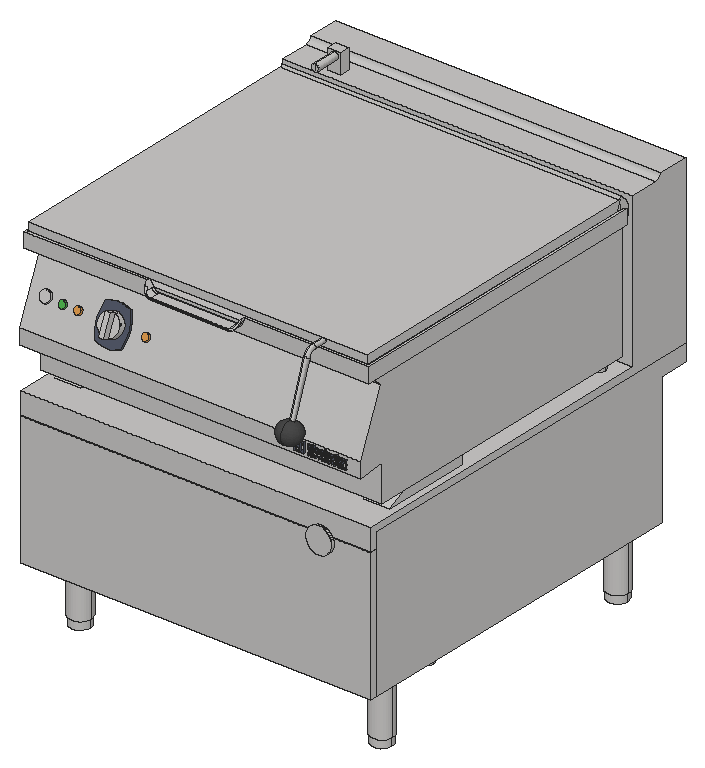
Revit family "QF_ELECTROLUXPROFESSIONAL_391417_E9PPBDBAMED", category Specialty Equipment, Revit 2018
Family settings
  Round Connector Dimension = Use Diameter
  Part Type = Normal
  Work Plane-Based = No
  Always vertical = Yes
  Cut with Voids When Loaded = No
  Shared = No
  Room Calculation Point = No
Parameters (values of type "Standard")
  Weight = 150.00 kg
  Watts = 0 W
  Volts = 380 V
  URL Manufacturer = "https://www.electroluxprofessional.com/"
  URL = "https://www.electroluxprofessional.com/"
  Steam Supply Size = 0"
  Steam Supply Minimum Pressure = 0.00 psi
  Steam Supply Maximum Pressure = 0.00 psi
  Steam Pounds per Hour = 0
  Show Logo [instance] = yes
  Show Clearance [instance] = yes
  Refrigeration Suction Line Size = 0 mm
  Refrigeration Liquid Line Size = 0 mm
  Refrigerant Compressor Remote = yes
  Phase = 3
  Model = "E9PPBDBAMED"
  Manufacturer = "Electrolux Professional"
  Length Actual = 800 mm  # constant formula
  Item Number = "391417"
  Hot Water Size = 0"
  Height Actual = 850 mm  # constant formula
  HP = "17.4 HP"
  Gas Size = 0"
  Gas KW = 0
  Gas Input Pressure = 0.0 Btu/h
  Direct Waste Size = 0"
  Description = "80LT EL.BRATT PAN DUOMAT BOTTOM AUT (AUS)"
  Depth Actual = 930 mm  # constant formula
  Cycle = 50 Hz
  Condensate Return Size = 0"
  Compressed Air Volume = 0 GPM
  Compressed Air Size = 0"
  Compressed Air Pressure = 0.00 psi
  Cold Water Size = 3/4"
  Assembly Code = ""
  Accessory = yes
Reference planes
  plane 1 "BACK": y = 0
  plane 2: z = 0
  plane 3 "LEFT": x = 0
  plane 4 "RIGHT": x = 800
  plane 5 "FRONT": y = -915
  plane 6 "TOP": z = 898
  plane 7 "Center Y": x = 400
  plane 8 "Center X": y = -457.5
  plane 9 "Base": z = 149
  plane 10: z = 502.193
  plane 11: z = 1653
  plane 12: y = -125
  plane 13: y = -799
  plane 14: x = 55
  plane 15: y = -160.853
  plane 16: x = 745
  plane 17: y = -1014
  plane 18: y = -899.182
  plane 19: x = 786
  plane 20: z = 850
  plane 21: x = 389
  plane 22: y = -702.182
  plane 23: y = -760.182
  plane 24: x = 340
Forms (mm)
  Revolve 1, solid, material "QF_Finishes_Stainless Steel"
    sketch origin (0, -125, 0) x (1, 0, 0) y (0, 0, 1)
      loop
        line (55, 0) -> (55, 149) -> (29.6, 149) -> (29.6, 19.05) -> (32.1, 19.05) -> (32.1, 0) -> (55, 0)
      axis (55, 0) -> (55, 149)
    angle from 0 to 360
  Revolve 2, solid, material "QF_Finishes_Stainless Steel"
    sketch origin (0, -799, 0) x (1, 0, 0) y (0, 0, 1)
      loop
        line (55, 0) -> (55, 149) -> (29.6, 149) -> (29.6, 19.05) -> (32.1, 19.05) -> (32.1, 0) -> (55, 0)
      axis (55, 0) -> (55, 149)
    angle from 0 to 360
  Extrusion 3, solid, material "QF_Finishes_Stainless Steel"
    sketch origin (0, -214.682, 0) x (0, 1, 0) y (0, 0, 1)
      loop
        line (214.682, 487.193) -> (214.682, 866.248) -> (143.055, 866.248)
        arc (143.055, 866.248) -> (139.432, 857.502) -> (130.686, 853.88) r 12.368
        line (130.686, 853.88) -> (64.682, 853.88) -> (64.682, 502.193) -> (-684.5, 502.193) -> (-684.5, 452.193) -> (-669.5, 452.193) -> (-669.5, 487.193) -> (214.682, 487.193)
      loop
        line (-669.5, 149) -> (-669.5, 451.193) -> (-684.5, 451.193) -> (-684.5, 149) -> (-669.5, 149)
    from 0 to 800
  Extrusion 4, solid, material "QF_Finishes_Stainless Steel"
    sketch origin (0, -214.682, 0) x (0, 1, 0) y (0, 0, 1)
      loop
        line (44.029, 528.406) -> (44.029, 817.127) -> (-678.5, 817.127) -> (-678.5, 809.681) -> (-643.264, 774.446) -> (-700.318, 641.094) -> (-700.318, 606.094) -> (-640.765, 613.406) -> (-640.765, 528.406) -> (44.029, 528.406)
    from 10 to 790
  Sweep 5, solid, material "QF_Finishes_Stainless Steel"
    path origin (0, -204.882, 145) x (-1, 0, 0) y (0, -1, 0)
      loop
        line (-290, 694.3) -> (-5, 694.3) -> (-5, -44.029) -> (-795, -44.029) -> (-795, 694.3) -> (-510, 694.3)
    profile origin (652.5, -899.182, 145) x (0, -1, 0) y (0, 0, 1)
      loop
        line (-5, 651.359) -> (0, 651.359) -> (0, 685.301) -> (-6, 685.301) -> (-6, 681.062) -> (-5, 681.062) -> (-5, 651.359)
  Extrusion 6, solid, material "QF_Finishes_Stainless Steel"
    sketch origin (0, -214.682, -5) x (0, 1, 0) y (0, 0, 1)
      loop
        line (33.715, 835.301) -> (42.572, 855) -> (-677.138, 855) -> (-677.138, 835.301) -> (33.715, 835.301)
      loop
        arc (64.305, 837.022) -> (57.071, 850.749) -> (45.92, 861.539) r 49.182
        line (45.92, 861.539) -> (39.069, 846.301) -> (45.904, 846.301) -> (45.904, 832.604) -> (64.305, 814.204) -> (64.305, 837.022)
    from 12.363 to 787.637
  Extrusion 7, solid, material "QF_Finishes_Stainless Steel"
    sketch origin (0, -214.682, 0) x (0, 1, 0) y (0, 0, 1)
      loop
        line (-403.818, 528.406) -> (-556.057, 528.406) -> (-609.801, 502.193) -> (-403.818, 502.193) -> (-403.818, 528.406)
    from 16.63 to 76.513
  Extrusion 8, solid, material "QF_Finishes_Stainless Steel"
    sketch origin (0, -207.182, 150) x (-1, 0, 0) y (0, -1, 0)
      loop
        circle (-46.571, -17.496) r 15
      loop
        circle (-753.429, -17.496) r 15
    from 352.193 to 383.406
  Extrusion 9, solid, material "QF_Finishes_Stainless Steel"
    sketch origin (0, -64.682, 0) x (0, 1, 0) y (0, 0, 1)
      loop
        line (-43.387, 853.88) -> (-43.387, 898) -> (-67.444, 898) -> (-67.444, 853.88) -> (-43.387, 853.88)
    from 87.469 to 116.843
  Revolve 10, solid, material "QF_Finishes_Stainless Steel"
    sketch origin (103.25, -64.682, 0) x (0, 1, 0) y (0, 0, 1)
      loop
        line (-67.444, 888.097) -> (-67.444, 896.222) -> (-123.629, 896.222) -> (-123.629, 888.097) -> (-67.444, 888.097)
      axis (-123.629, 888.097) -> (-67.444, 888.097)
    angle from 0 to 360
  Extrusion 11, solid, material "QF_Clearances", visible <- "Show Clearance", detail levels coarse
    sketch origin (0, -214.682, 0) x (1, 0, 0) y (0, 1, 0)
      loop
        line (800, 214.682) -> (800, -700.318) -> (850, -700.318) -> (850, 264.682) -> (-50, 264.682) -> (-50, -700.318) -> (0, -700.318) -> (0, 214.682) -> (800, 214.682)
    from 0 to 898
  Extrusion 12, solid, material "QF_Finishes_Stainless Steel"
    sketch origin (800, 0, 0) x (0, 1, 0) y (0, 0, 1)
      loop
        line (-884.182, 149) -> (-69, 149) -> (-69, 448) -> (0, 448) -> (0, 487.193) -> (-884.182, 487.193) -> (-884.182, 149)
    from 0 to -800
  Revolve 13, solid, material "QF_Finishes_Stainless Steel"
    sketch origin (1000, -125, 0) x (-1, 0, 0) y (0, 0, -1)
      loop
        line (255, 0) -> (232.1, 0) -> (232.1, -19.05) -> (229.6, -19.05) -> (229.6, -149) -> (255, -149) -> (255, 0)
      axis (255, 0) -> (255, -149)
    angle from 0 to 360
  Revolve 14, solid, material "QF_Finishes_Stainless Steel"
    sketch origin (1000, -799, 0) x (-1, 0, 0) y (0, 0, -1)
      loop
        line (255, 0) -> (232.1, 0) -> (232.1, -19.05) -> (229.6, -19.05) -> (229.6, -149) -> (255, -149) -> (255, 0)
      axis (255, 0) -> (255, -149)
    angle from 0 to 360
  Sweep 15, solid, material "QF_Finishes_Stainless Steel"
    path origin (8.84, -214.682, -10) x (0, 1, 0) y (0, 0, 1)
      loop
        line (-677.138, 852.831) -> (-705.492, 852.831)
        arc (-705.492, 852.831) -> (-716.963, 849.214) -> (-724.286, 839.672) r 20
        line (-724.286, 839.672) -> (-765.322, 726.924)
    profile origin (8.84, -905.997, 842.831) x (0, 0, -1) y (1, 0, 0)
      loop
        circle (0, 676.16) r 5
  Revolve 16, solid, material "QF_Finishes_Black"
    sketch origin (685, -194.682, 0) x (0, 1, 0) y (0, 0, 1)
      loop
        line (-785.322, 716.924) -> (-792.738, 719.623)
        arc (-792.738, 719.623) -> (-818.978, 701.075) -> (-800.713, 674.638) r 22.845
        line (-800.713, 674.638) -> (-785.322, 716.924)
      axis (-785.322, 716.924) -> (-800.713, 674.638)
    angle from 0 to 360
  Extrusion 17, solid, material "QF_Finishes_Stainless Steel"
    sketch origin (800, -69, 149) x (-1, 0, 0) y (0, 1, 0)
      loop
        circle (14, -649.182) r 12.7
    from 0 to 5
  Extrusion 18, solid, material "QF_Finishes_Stainless Steel"
    sketch origin (-3.75, -899.182, 149) x (0, 0, 1) y (-1, 0, 0)
      loop
        circle (289.443, -688.75) r 30
    from 0 to 5
  Extrusion 19, solid, material "QF_Finishes_Stainless Steel"
    sketch origin (800, -214.682, 0) x (0, 1, 0) y (0, 0, -1)
      loop
        line (-403.818, -528.406) -> (-403.818, -502.193) -> (-609.801, -502.193) -> (-556.057, -528.406) -> (-403.818, -528.406)
    from 16.63 to 76.513
  Extrusion 20, solid, material "QF_Finishes_Stainless Steel"
    sketch origin (0, -201.682, -15.905) x (1, 0, 0) y (0, 0, 1)
      loop
        line (509.996, 839.805) -> (509.996, 846.205) -> (502.677, 833.527)
        arc (502.677, 833.527) -> (496.674, 827.524) -> (488.474, 825.327) r 16.4
        line (488.474, 825.327) -> (311.526, 825.327)
        arc (311.526, 825.327) -> (303.32, 827.526) -> (297.312, 833.534) r 16.413
        line (297.312, 833.534) -> (289.996, 846.205) -> (289.996, 839.805) -> (294.541, 831.934)
        arc (294.541, 831.934) -> (301.72, 824.755) -> (311.526, 822.127) r 19.613
        line (311.526, 822.127) -> (488.474, 822.127)
        arc (488.474, 822.127) -> (498.274, 824.753) -> (505.448, 831.927) r 19.6
        line (505.448, 831.927) -> (509.996, 839.805)
    from 697.5 to 717.595
  Extrusion 21, void
    sketch origin (900, 188.397, 1219.2) x (0, -1, 0) y (0, 0, 1)
      loop
        line (1110.167, -415.736) -> (1110.167, -387.945) -> (1093.05, -387.945) -> (1110.167, -415.736)
    from 390 to 610
  Extrusion 22, solid, material "QF_Finishes_Navy Blue"
    sketch origin (-55.546, -1052.067, 320.727) x (0, 0.393353, 0.919387) y (-1, 0, 0)
      loop
        arc (453.989, -230.321) -> (416.907, -221.34) -> (379.375, -228.202) r 91.844
        arc (379.375, -228.202) -> (372.249, -258.844) -> (379.375, -289.487) r 69.441
        arc (379.375, -289.487) -> (416.897, -296.198) -> (453.989, -287.419) r 93.759
        arc (453.989, -287.419) -> (460.218, -258.87) -> (453.989, -230.321) r 68.543
    from 0 to 3.175
  Extrusion 23, solid, material "QF_Finishes_Orange"
    sketch origin (9.372, -901.482, 672.689) x (0, 0.393353, 0.919387) y (-1, 0, 0)
      loop
        circle (34.513, -113.251) r 8
    from 0 to 3.175
  Extrusion 24, solid, material "QF_Finishes_Green"
    sketch origin (14.068, -901.51, 672.624) x (0, 0.393353, 0.919387) y (-1, 0, 0)
      loop
        circle (34.513, -73.251) r 8
    from 0 to 3.175
  Extrusion 25, solid, material "QF_Finishes_Stainless Steel"
    sketch origin (-159.296, -918.156, 641.79) x (0, 0.393353, 0.919387) y (-1, 0, 0)
      loop
        circle (68.826, -362.213) r 25.4
    from 0 to 12.7
  Extrusion 26, solid, material "QF_Finishes_Stainless Steel"
    sketch origin (-159.296, -929.832, 646.786) x (0, 0.393353, 0.919387) y (-1, 0, 0)
      loop
        arc (93.558, -367.999) -> (94.226, -362.213) -> (93.558, -356.427) r 25.4
        line (93.558, -356.427) -> (44.094, -356.427)
        arc (44.094, -356.427) -> (43.426, -362.213) -> (44.094, -367.999) r 25.4
        line (44.094, -367.999) -> (93.558, -367.999)
    from 0 to 12.7
  Extrusion 27, solid, material "QF_Finishes_Stainless Steel"
    sketch origin (10.937, -915, 641.094) x (0, 0.393353, 0.919387) y (-1, 0, 0)
      loop
        circle (71.473, -36.635) r 12.7
    from 0 to 3.2
  Extrusion 28, solid, material "QF_Finishes_Orange"
    sketch origin (164.372, -901.482, 672.689) x (0, 0.393353, 0.919387) y (-1, 0, 0)
      loop
        circle (34.513, -113.251) r 8
    from 0 to 3.175
  Extrusion 29, solid, material "QF_Clearances", visible <- "Show Clearance", detail levels coarse
    sketch origin (0, -996.643, 709.193) x (0, 0.238373, -0.971174) y (0, 0.971174, 0.238373)
      loop
        line (33.715, 835.301) -> (42.572, 855) -> (-677.138, 855) -> (-677.138, 835.301) -> (33.715, 835.301)
      loop
        arc (64.305, 837.022) -> (57.071, 850.749) -> (45.92, 861.539) r 49.182
        line (45.92, 861.539) -> (39.069, 846.301) -> (45.904, 846.301) -> (45.904, 832.604) -> (64.305, 814.204) -> (64.305, 837.022)
    from 12.363 to 787.637
  Sweep 30, solid, material "QF_Clearances", visible <- "Show Clearance", detail levels coarse
    path origin (8.84, -1001.499, 708.002) x (0, 0.238373, -0.971174) y (0, 0.971174, 0.238373)
      loop
        line (-677.138, 852.831) -> (-705.492, 852.831)
        arc (-705.492, 852.831) -> (-716.963, 849.214) -> (-724.286, 839.672) r 20
        line (-724.286, 839.672) -> (-765.322, 726.924)
    profile origin (8.84, -338.043, 1582.68) x (0, -0.971174, -0.238373) y (1, 0, 0)
      loop
        circle (0, 676.16) r 5
  Revolve 31, solid, material "QF_Clearances", visible <- "Show Clearance", detail levels coarse
    sketch origin (685, -987.02, 690.962) x (0, 0.238373, -0.971174) y (0, 0.971174, 0.238373)
      loop
        line (-785.322, 716.924) -> (-792.738, 719.623)
        arc (-792.738, 719.623) -> (-818.978, 701.075) -> (-800.713, 674.638) r 22.845
        line (-800.713, 674.638) -> (-785.322, 716.924)
      axis (-785.322, 716.924) -> (-800.713, 674.638)
    angle from 0 to 360
  Extrusion 32, solid, material "QF_Finishes_Navy Blue", visible <- "Show Logo"
    sketch origin (486.175, -915, 608.853) x (0, 0, 1) y (-1, 0, 0)
      loop
        line (26.951, -165.54) -> (5.387, -165.54)
        arc (5.387, -165.54) -> (16.169, -173.512) -> (26.951, -165.54) r 11.278
      loop
        arc (26.951, -164.444) -> (24.913, -155.475) -> (16.794, -151.154) r 11.052
        line (16.794, -151.154) -> (16.794, -154.722)
        arc (16.794, -154.722) -> (19.381, -161.095) -> (25.39, -164.444) r 10.359
        line (25.39, -164.444) -> (26.951, -164.444)
      loop
        arc (6.948, -164.444) -> (12.957, -161.095) -> (15.544, -154.722) r 10.359
        line (15.544, -154.722) -> (15.544, -151.154)
        arc (15.544, -151.154) -> (7.358, -155.468) -> (5.11, -164.444) r 11.341
        line (5.11, -164.444) -> (6.948, -164.444)
      loop
        line (28.128, -150.336) -> (4.161, -150.336) -> (4.161, -174.336) -> (28.128, -174.336) -> (28.128, -150.336)
      loop
        spline (16.361, -188.464) -> (16.369, -188.263) -> (16.397, -188.049) -> (16.447, -187.828) -> (16.523, -187.605) -> (16.628, -187.386) -> (16.766, -187.177) -> (16.939, -186.985) -> (17.152, -186.814) -> (17.407, -186.671) -> (17.709, -186.562) -> (18.059, -186.492) -> (18.462, -186.467)
        line (18.462, -186.467) -> (20.251, -186.467) -> (20.251, -192.37) -> (22.531, -192.37) -> (22.531, -186.466) -> (25.85, -186.466) -> (25.85, -192.746) -> (28.124, -192.746) -> (28.124, -184.05) -> (18.566, -184.05)
        spline (18.566, -184.05) -> (17.978, -184.071) -> (17.424, -184.137) -> (16.905, -184.248) -> (16.424, -184.406) -> (15.983, -184.612) -> (15.583, -184.866) -> (15.226, -185.171) -> (14.914, -185.528) -> (14.649, -185.937) -> (14.434, -186.401) -> (14.269, -186.919) -> (14.157, -187.495)
        line (14.157, -187.495) -> (14.089, -188.444) -> (14.089, -192.915) -> (16.361, -192.915) -> (16.361, -188.464)
      loop
        line (21.492, -194.632) -> (14.086, -194.632) -> (14.086, -197.049) -> (28.128, -197.049) -> (28.128, -194.632) -> (21.492, -194.632)
      loop
        spline (18.571, -208.979) -> (19.331, -208.995) -> (20.067, -208.922) -> (20.77, -208.763) -> (21.436, -208.522) -> (22.055, -208.2) -> (22.623, -207.802) -> (23.132, -207.331) -> (23.576, -206.789) -> (23.947, -206.18) -> (24.24, -205.507) -> (24.447, -204.772) -> (24.561, -203.98)
        spline (24.561, -203.98) -> (24.517, -203.228) -> (24.388, -202.513) -> (24.178, -201.84) -> (23.889, -201.216) -> (23.524, -200.646) -> (23.088, -200.134) -> (22.582, -199.687) -> (22.011, -199.309) -> (21.378, -199.005) -> (20.686, -198.782) -> (19.937, -198.644) -> (19.137, -198.597)
        spline (19.137, -198.597) -> (18.356, -198.643) -> (17.626, -198.777) -> (16.949, -198.995) -> (16.331, -199.293) -> (15.772, -199.666) -> (15.278, -200.111) -> (14.851, -200.623) -> (14.494, -201.198) -> (14.211, -201.832) -> (14.005, -202.519) -> (13.878, -203.257) -> (13.836, -204.041)
        spline (13.836, -204.041) -> (13.845, -204.424) -> (13.874, -204.802) -> (13.924, -205.175) -> (13.997, -205.545) -> (14.096, -205.909) -> (14.223, -206.27) -> (14.378, -206.625) -> (14.564, -206.976) -> (14.783, -207.322) -> (15.037, -207.664) -> (15.328, -208) -> (15.657, -208.331)
        line (15.657, -208.331) -> (17.073, -206.874)
        spline (17.073, -206.874) -> (16.889, -206.682) -> (16.719, -206.489) -> (16.566, -206.293) -> (16.427, -206.093) -> (16.305, -205.887) -> (16.198, -205.673) -> (16.108, -205.449) -> (16.033, -205.213) -> (15.975, -204.965) -> (15.933, -204.701) -> (15.908, -204.421) -> (15.9, -204.122)
        spline (15.9, -204.122) -> (15.921, -203.685) -> (15.985, -203.275) -> (16.089, -202.893) -> (16.233, -202.542) -> (16.413, -202.224) -> (16.628, -201.939) -> (16.878, -201.691) -> (17.159, -201.479) -> (17.471, -201.308) -> (17.811, -201.177) -> (18.178, -201.089) -> (18.571, -201.046)
        line (18.571, -201.046) -> (18.571, -208.979)
      loop
        spline (20.271, -206.55) -> (20.57, -206.527) -> (20.857, -206.458) -> (21.131, -206.348) -> (21.387, -206.199) -> (21.624, -206.014) -> (21.839, -205.797) -> (22.028, -205.55) -> (22.189, -205.276) -> (22.32, -204.98) -> (22.416, -204.663) -> (22.476, -204.329) -> (22.497, -203.98)
        spline (22.497, -203.98) -> (22.476, -203.607) -> (22.417, -203.248) -> (22.322, -202.905) -> (22.194, -202.584) -> (22.034, -202.285) -> (21.847, -202.013) -> (21.633, -201.77) -> (21.396, -201.56) -> (21.139, -201.385) -> (20.864, -201.25) -> (20.574, -201.156) -> (20.271, -201.107)
        line (20.271, -201.107) -> (20.271, -206.55)
      loop
        spline (19.198, -212.675) -> (19.648, -212.703) -> (20.074, -212.784) -> (20.475, -212.915) -> (20.846, -213.093) -> (21.184, -213.314) -> (21.487, -213.576) -> (21.752, -213.875) -> (21.976, -214.207) -> (22.155, -214.571) -> (22.286, -214.961) -> (22.368, -215.376) -> (22.395, -215.812)
        spline (22.395, -215.812) -> (22.387, -216.079) -> (22.362, -216.336) -> (22.321, -216.581) -> (22.264, -216.816) -> (22.192, -217.042) -> (22.105, -217.259) -> (22.002, -217.467) -> (21.886, -217.668) -> (21.755, -217.861) -> (21.611, -218.047) -> (21.453, -218.228) -> (21.283, -218.402)
        line (21.283, -218.402) -> (22.841, -219.9)
        spline (22.841, -219.9) -> (23.139, -219.602) -> (23.407, -219.295) -> (23.645, -218.979) -> (23.855, -218.656) -> (24.037, -218.324) -> (24.192, -217.985) -> (24.32, -217.639) -> (24.424, -217.286) -> (24.503, -216.926) -> (24.558, -216.56) -> (24.591, -216.189) -> (24.601, -215.812)
        spline (24.601, -215.812) -> (24.555, -215.057) -> (24.418, -214.333) -> (24.195, -213.648) -> (23.893, -213.008) -> (23.516, -212.418) -> (23.068, -211.886) -> (22.556, -211.419) -> (21.984, -211.021) -> (21.357, -210.701) -> (20.681, -210.465) -> (19.959, -210.318) -> (19.198, -210.268)
        spline (19.198, -210.268) -> (18.437, -210.318) -> (17.716, -210.465) -> (17.039, -210.701) -> (16.412, -211.021) -> (15.84, -211.419) -> (15.328, -211.886) -> (14.881, -212.418) -> (14.503, -213.008) -> (14.201, -213.648) -> (13.979, -214.333) -> (13.842, -215.057) -> (13.795, -215.812)
        spline (13.795, -215.812) -> (13.806, -216.189) -> (13.838, -216.56) -> (13.894, -216.926) -> (13.973, -217.286) -> (14.076, -217.639) -> (14.205, -217.985) -> (14.36, -218.324) -> (14.542, -218.656) -> (14.751, -218.979) -> (14.99, -219.295) -> (15.257, -219.602) -> (15.556, -219.9)
        line (15.556, -219.9) -> (17.114, -218.402)
        spline (17.114, -218.402) -> (16.943, -218.228) -> (16.786, -218.047) -> (16.641, -217.861) -> (16.511, -217.668) -> (16.394, -217.467) -> (16.292, -217.259) -> (16.204, -217.042) -> (16.132, -216.816) -> (16.075, -216.581) -> (16.034, -216.336) -> (16.009, -216.079) -> (16.001, -215.812)
        spline (16.001, -215.812) -> (16.029, -215.376) -> (16.11, -214.961) -> (16.242, -214.571) -> (16.421, -214.207) -> (16.644, -213.875) -> (16.909, -213.576) -> (17.212, -213.314) -> (17.551, -213.093) -> (17.922, -212.915) -> (18.322, -212.784) -> (18.748, -212.703) -> (19.198, -212.675)
      loop
        spline (16.358, -226.063) -> (16.354, -225.85) -> (16.37, -225.622) -> (16.41, -225.384) -> (16.477, -225.143) -> (16.575, -224.905) -> (16.708, -224.675) -> (16.88, -224.461) -> (17.095, -224.267) -> (17.357, -224.1) -> (17.669, -223.965) -> (18.036, -223.87) -> (18.462, -223.819)
        line (18.462, -223.819) -> (22.044, -223.819) -> (22.044, -226.018) -> (24.24, -226.018) -> (24.24, -223.822) -> (28.128, -223.822) -> (28.128, -221.405) -> (18.325, -221.405)
        spline (18.325, -221.405) -> (17.756, -221.457) -> (17.221, -221.55) -> (16.722, -221.687) -> (16.26, -221.867) -> (15.838, -222.093) -> (15.456, -222.365) -> (15.118, -222.685) -> (14.824, -223.053) -> (14.577, -223.471) -> (14.378, -223.94) -> (14.229, -224.46) -> (14.132, -225.034)
        line (14.132, -225.034) -> (14.086, -226.054) -> (16.358, -226.063)
      loop
        spline (24.381, -234.197) -> (24.407, -233.778) -> (24.399, -233.376) -> (24.36, -232.99) -> (24.289, -232.622) -> (24.188, -232.273) -> (24.058, -231.943) -> (23.901, -231.635) -> (23.716, -231.349) -> (23.505, -231.087) -> (23.27, -230.849) -> (23.011, -230.636) -> (22.73, -230.45)
        line (22.73, -230.45) -> (24.24, -230.45) -> (24.24, -228.052) -> (14.086, -228.052) -> (14.086, -230.45) -> (19.425, -230.45)
        spline (19.425, -230.45) -> (19.83, -230.472) -> (20.207, -230.537) -> (20.555, -230.643) -> (20.873, -230.788) -> (21.159, -230.972) -> (21.412, -231.192) -> (21.63, -231.448) -> (21.811, -231.736) -> (21.955, -232.056) -> (22.059, -232.406) -> (22.123, -232.784) -> (22.145, -233.189)
        line (22.145, -233.189) -> (22.044, -234.197) -> (24.381, -234.197)
      loop
        spline (19.163, -245.648) -> (19.908, -245.597) -> (20.618, -245.45) -> (21.287, -245.212) -> (21.909, -244.892) -> (22.48, -244.494) -> (22.993, -244.026) -> (23.443, -243.494) -> (23.823, -242.904) -> (24.129, -242.265) -> (24.354, -241.581) -> (24.494, -240.86) -> (24.542, -240.108)
        spline (24.542, -240.108) -> (24.494, -239.351) -> (24.354, -238.627) -> (24.129, -237.941) -> (23.823, -237.301) -> (23.443, -236.712) -> (22.993, -236.181) -> (22.48, -235.714) -> (21.909, -235.318) -> (21.287, -234.999) -> (20.618, -234.763) -> (19.908, -234.617) -> (19.163, -234.567)
        spline (19.163, -234.567) -> (18.418, -234.617) -> (17.708, -234.763) -> (17.039, -234.999) -> (16.417, -235.318) -> (15.846, -235.714) -> (15.333, -236.181) -> (14.883, -236.712) -> (14.502, -237.301) -> (14.197, -237.941) -> (13.971, -238.627) -> (13.831, -239.351) -> (13.784, -240.108)
        spline (13.784, -240.108) -> (13.831, -240.86) -> (13.971, -241.581) -> (14.197, -242.265) -> (14.502, -242.904) -> (14.883, -243.494) -> (15.333, -244.026) -> (15.846, -244.494) -> (16.417, -244.892) -> (17.039, -245.212) -> (17.708, -245.45) -> (18.418, -245.597) -> (19.163, -245.648)
      loop
        spline (19.163, -243.25) -> (19.602, -243.222) -> (20.021, -243.14) -> (20.417, -243.008) -> (20.785, -242.829) -> (21.123, -242.606) -> (21.427, -242.344) -> (21.693, -242.044) -> (21.919, -241.71) -> (22.101, -241.347) -> (22.235, -240.956) -> (22.318, -240.542) -> (22.346, -240.108)
        spline (22.346, -240.108) -> (22.318, -239.669) -> (22.235, -239.252) -> (22.101, -238.86) -> (21.919, -238.496) -> (21.693, -238.163) -> (21.427, -237.864) -> (21.123, -237.602) -> (20.785, -237.381) -> (20.417, -237.204) -> (20.021, -237.073) -> (19.602, -236.993) -> (19.163, -236.965)
        spline (19.163, -236.965) -> (18.723, -236.993) -> (18.304, -237.073) -> (17.909, -237.204) -> (17.541, -237.381) -> (17.203, -237.602) -> (16.899, -237.864) -> (16.632, -238.163) -> (16.406, -238.496) -> (16.225, -238.86) -> (16.091, -239.252) -> (16.008, -239.669) -> (15.979, -240.108)
        spline (15.979, -240.108) -> (16.008, -240.542) -> (16.091, -240.956) -> (16.225, -241.347) -> (16.406, -241.71) -> (16.632, -242.044) -> (16.899, -242.344) -> (17.203, -242.606) -> (17.541, -242.829) -> (17.909, -243.008) -> (18.304, -243.14) -> (18.723, -243.222) -> (19.163, -243.25)
      loop
        line (21.735, -247.134) -> (14.086, -247.134) -> (14.086, -249.553) -> (28.128, -249.553) -> (28.128, -247.134) -> (21.735, -247.134)
      loop
        line (24.24, -258.272) -> (18.337, -258.272)
        spline (18.337, -258.272) -> (17.953, -258.252) -> (17.607, -258.196) -> (17.298, -258.104) -> (17.025, -257.979) -> (16.788, -257.824) -> (16.584, -257.639) -> (16.415, -257.429) -> (16.277, -257.194) -> (16.172, -256.937) -> (16.098, -256.66) -> (16.054, -256.365) -> (16.04, -256.055)
        spline (16.04, -256.055) -> (16.054, -255.745) -> (16.098, -255.45) -> (16.172, -255.173) -> (16.277, -254.916) -> (16.413, -254.682) -> (16.582, -254.471) -> (16.784, -254.287) -> (17.019, -254.132) -> (17.29, -254.007) -> (17.595, -253.915) -> (17.937, -253.859) -> (18.316, -253.839)
        line (18.316, -253.839) -> (24.24, -253.839) -> (24.24, -251.401) -> (18.115, -251.401)
        spline (18.115, -251.401) -> (17.421, -251.445) -> (16.79, -251.57) -> (16.22, -251.771) -> (15.713, -252.043) -> (15.267, -252.379) -> (14.881, -252.774) -> (14.556, -253.221) -> (14.292, -253.715) -> (14.086, -254.249) -> (13.94, -254.818) -> (13.853, -255.415) -> (13.824, -256.035)
        spline (13.824, -256.035) -> (13.853, -256.661) -> (13.942, -257.263) -> (14.09, -257.836) -> (14.298, -258.375) -> (14.567, -258.873) -> (14.896, -259.324) -> (15.287, -259.722) -> (15.74, -260.061) -> (16.254, -260.335) -> (16.832, -260.538) -> (17.472, -260.665) -> (18.176, -260.708)
        line (18.176, -260.708) -> (24.24, -260.708) -> (24.24, -258.272)
      loop
        line (17.333, -269.856) -> (19.465, -268.331) -> (22.037, -270.219) -> (24.239, -271.836) -> (24.239, -269.197) -> (21.197, -267) -> (24.239, -264.785) -> (24.239, -262.166) -> (22.185, -263.668) -> (19.445, -265.671) -> (16.52, -263.571) -> (14.086, -261.823) -> (14.086, -264.422) -> (17.672, -267) -> (14.086, -269.579) -> (14.086, -272.178) -> (17.333, -269.856)
      loop
        line (9.015, -185.409) -> (9.015, -183.539) -> (4.161, -183.539) -> (4.161, -184.537) -> (5.806, -184.537) -> (5.806, -185.409)
        arc (5.806, -185.409) -> (7.41, -187.014) -> (9.015, -185.409) r 1.605
      loop
        arc (6.731, -185.476) -> (7.41, -186.056) -> (8.089, -185.476) r 0.687
        line (8.089, -185.476) -> (8.089, -184.537) -> (6.731, -184.537) -> (6.731, -185.476)
      loop
        line (9.015, -193.025) -> (9.015, -191.122) -> (4.161, -191.122) -> (4.161, -192.12) -> (5.833, -192.12) -> (5.833, -192.986) -> (4.161, -193.838) -> (4.161, -194.971) -> (6.078, -193.806)
        arc (6.078, -193.806) -> (6.645, -194.415) -> (7.45, -194.627) r 1.499
        arc (7.45, -194.627) -> (8.559, -194.145) -> (9.015, -193.025) r 1.602
      loop
        line (8.097, -193.005) -> (8.097, -192.12) -> (6.743, -192.12) -> (6.743, -193.005)
        arc (6.743, -193.005) -> (7.42, -193.556) -> (8.097, -193.005) r 0.691
      loop
        circle (6.588, -201.168) r 2.521
      loop
        circle (6.588, -201.168) r 1.6
      loop
        line (9.015, -207.864) -> (4.161, -207.864) -> (4.161, -208.862) -> (6.156, -208.862) -> (6.156, -210.689) -> (7.073, -210.689) -> (7.073, -208.862) -> (8.098, -208.862) -> (8.098, -210.864) -> (9.015, -210.864) -> (9.015, -207.864)
      loop
        line (9.015, -214.982) -> (5.735, -214.982)
        arc (5.735, -214.982) -> (4.623, -215.429) -> (4.161, -216.535) r 1.554
        line (4.161, -216.535) -> (4.161, -218.103) -> (5.078, -218.103) -> (5.078, -216.944)
        arc (5.078, -216.944) -> (5.427, -216.196) -> (6.223, -215.98) r 0.979
        line (6.223, -215.98) -> (6.223, -217.921) -> (7.141, -217.921) -> (7.141, -215.98) -> (8.098, -215.98) -> (8.098, -218.056) -> (9.015, -218.056) -> (9.015, -214.982)
      loop
        line (7.742, -224.632) -> (8.234, -225.349)
        arc (8.234, -225.349) -> (8.882, -224.684) -> (9.095, -223.78) r 1.738
        arc (9.095, -223.78) -> (8.894, -222.994) -> (8.386, -222.36) r 1.926
        arc (8.386, -222.36) -> (7.749, -222.275) -> (7.12, -222.404) r 1.936
        arc (7.12, -222.404) -> (6.653, -222.836) -> (6.356, -223.4) r 1.881
        arc (6.356, -223.4) -> (6.185, -223.835) -> (5.972, -224.252) r 4.917
        arc (5.972, -224.252) -> (5.357, -224.498) -> (4.996, -223.943) r 0.523
        arc (4.996, -223.943) -> (5.232, -223.24) -> (5.739, -222.7) r 1.738
        line (5.739, -222.7) -> (5.26, -221.938)
        arc (5.26, -221.938) -> (4.761, -222.24) -> (4.38, -222.681) r 1.867
        arc (4.38, -222.681) -> (4.141, -223.241) -> (4.08, -223.846) r 2.013
        arc (4.08, -223.846) -> (4.229, -224.594) -> (4.587, -225.268) r 2.629
        arc (4.587, -225.268) -> (5.379, -225.566) -> (6.211, -225.413) r 1.579
        arc (6.211, -225.413) -> (6.594, -225.08) -> (6.872, -224.656) r 1.83
        arc (6.872, -224.656) -> (7.111, -224.119) -> (7.318, -223.568) r 9.64
        arc (7.318, -223.568) -> (7.812, -223.25) -> (8.179, -223.71) r 0.439
        arc (8.179, -223.71) -> (8.066, -224.221) -> (7.742, -224.632) r 1.168
      loop
        line (9.015, -237.028) -> (4.161, -237.028) -> (4.161, -238.027) -> (9.015, -238.027) -> (9.015, -237.028)
      loop
        circle (6.588, -244.756) r 1.51
      loop
        circle (6.588, -244.756) r 2.521
      loop
        line (4.161, -251.452) -> (4.161, -252.461) -> (7.213, -252.461) -> (4.161, -254.682) -> (4.161, -255.652) -> (9.015, -255.652) -> (9.015, -254.644) -> (5.87, -254.644) -> (9.015, -252.423) -> (9.015, -251.452) -> (4.161, -251.452)
      loop
        line (4.161, -260.684) -> (5.208, -261.157) -> (5.208, -262.953) -> (4.161, -263.425) -> (4.161, -264.498) -> (9.015, -262.025) -> (4.161, -259.613) -> (4.161, -260.684)
      loop
        line (7.2, -262.055) -> (6.204, -261.605) -> (6.204, -262.505) -> (7.2, -262.055)
      loop
        line (5.078, -269.456) -> (9.015, -269.456) -> (9.015, -268.457) -> (4.161, -268.457) -> (4.161, -271.322) -> (5.078, -271.322) -> (5.078, -269.456)
      loop
        line (7.742, -231.965) -> (8.234, -232.682)
        arc (8.234, -232.682) -> (8.882, -232.017) -> (9.095, -231.114) r 1.738
        arc (9.095, -231.114) -> (8.894, -230.327) -> (8.386, -229.693) r 1.926
        arc (8.386, -229.693) -> (7.749, -229.609) -> (7.12, -229.737) r 1.936
        arc (7.12, -229.737) -> (6.653, -230.169) -> (6.356, -230.733) r 1.881
        arc (6.356, -230.733) -> (6.185, -231.168) -> (5.972, -231.586) r 4.917
        arc (5.972, -231.586) -> (5.357, -231.831) -> (4.996, -231.276) r 0.523
        arc (4.996, -231.276) -> (5.232, -230.573) -> (5.739, -230.033) r 1.738
        line (5.739, -230.033) -> (5.26, -229.271)
        arc (5.26, -229.271) -> (4.761, -229.573) -> (4.38, -230.015) r 1.867
        arc (4.38, -230.015) -> (4.141, -230.574) -> (4.08, -231.179) r 2.013
        arc (4.08, -231.179) -> (4.229, -231.928) -> (4.587, -232.602) r 2.629
        arc (4.587, -232.602) -> (5.379, -232.899) -> (6.211, -232.746) r 1.579
        arc (6.211, -232.746) -> (6.594, -232.414) -> (6.872, -231.989) r 1.83
        arc (6.872, -231.989) -> (7.111, -231.452) -> (7.318, -230.901) r 9.64
        arc (7.318, -230.901) -> (7.812, -230.583) -> (8.179, -231.043) r 0.439
        arc (8.179, -231.043) -> (8.066, -231.554) -> (7.742, -231.965) r 1.168
    from 0 to 1.644
  Extrusion 33, solid, material "QF_Finishes_Stainless Steel"
    sketch origin (290, -899.182, 830.301) x (-1, 0, 0) y (0, 0, -1)
      loop
        line (0.004, 33.941) -> (-220, 33.941) -> (-220, -0.006) -> (-212.677, 12.678)
        arc (-212.677, 12.678) -> (-206.674, 18.681) -> (-198.474, 20.878) r 16.4
        line (-198.474, 20.878) -> (-21.526, 20.878)
        arc (-21.526, 20.878) -> (-13.32, 18.679) -> (-7.312, 12.672) r 16.413
        line (-7.312, 12.672) -> (0.004, 0) -> (0.004, 33.941)
    from 0 to -6
  Extrusion 34, solid, material "QF_Finishes_Stainless Steel"
    sketch origin (0, 0, 0) x (0, 1, 0) y (0, 0, 1)
      loop
        circle (-760.182, 325) r 9.525
    from 350.873 to 389
  Extrusion 35, solid, material "QF_Finishes_Stainless Steel"
    sketch origin (0, -915, 0) x (1, 0, 0) y (0, 0, 1)
      loop
        circle (340, 220) r 6.35
    from -212.818 to -194.708
Cuts and joins
  Extrusion 21 cuts Extrusion 20
  joined: Sweep 5, Extrusion 20, Extrusion 33
Lines and regions (mm)
  symbolic lines
    curve 1: line (10, -915, 149) -> (197.131, -915, 149)
    curve 2: line (0, -899.182, 149) -> (280.622, -899.182, 149)
    curve 3: line (5, -160.853, 149) -> (5, -899.182, 149)
    curve 4: line (0, 0, 149) -> (0, -899.182, 149)
    curve 5: line (800, -899.182, 149) -> (800, 0, 149)
    curve 6: line (5, -160.853, 149) -> (95.125, -160.853, 149)
    curve 7: line (789, -171.653, 149) -> (111.375, -171.653, 149)
    curve 8: line (0, -71.628, 149) -> (800, -71.628, 149)
    curve 9: line (111.375, -160.853, 149) -> (795, -160.853, 149)
    curve 10: line (95.125, -172.111, 149) -> (12.363, -172.111, 149)
    curve 11: line (90.942, -172.111, 149) -> (90.942, -192.672, 149)
    curve 12: line (117.192, -171.653, 149) -> (117.192, -192.672, 149)
    curve 13: arc (90.942, -192.672, 149) -> (104.067, -205.797, 149) -> (117.192, -192.672, 149) r 13.125
    curve 14: line (504.543, -915, 149) -> (680, -915, 149)
    curve 15: line (12.363, -891.82, 149) -> (787.637, -891.82, 149)
    curve 16: line (0, 0, 149) -> (800, 0, 149)
    curve 20: line (680, -980.005, 149) -> (680, -891.82, 149)
    curve 21: line (690, -980.005, 149) -> (690, -891.82, 149)
    curve 22: spline (685, -987.42, 149) -> (686.603, -987.265, 149) -> (688.14, -986.808, 149) -> (689.545, -986.066, 149) -> (690.761, -985.072, 149) -> (691.737, -983.866, 149) -> (692.431, -982.499, 149) -> (692.815, -981.028, 149) -> (692.874, -979.515, 149) -> (692.604, -978.022, 149) -> (692.016, -976.611, 149) -> (691.136, -975.342, 149) -> (690, -974.268, 149)
    curve 23: spline (690, -980.005, 149) -> (689.957, -980.618, 149) -> (689.83, -981.221, 149) -> (689.619, -981.803, 149) -> (689.33, -982.354, 149) -> (688.967, -982.865, 149) -> (688.536, -983.327, 149) -> (688.044, -983.732, 149) -> (687.5, -984.074, 149) -> (686.913, -984.345, 149) -> (686.294, -984.543, 149) -> (685.653, -984.663, 149) -> (685, -984.703, 149)
    curve 24: spline (685, -984.703, 149) -> (684.347, -984.663, 149) -> (683.706, -984.543, 149) -> (683.087, -984.345, 149) -> (682.5, -984.074, 149) -> (681.956, -983.732, 149) -> (681.464, -983.327, 149) -> (681.033, -982.865, 149) -> (680.67, -982.354, 149) -> (680.381, -981.803, 149) -> (680.17, -981.221, 149) -> (680.043, -980.618, 149) -> (680, -980.005, 149)
    curve 25: spline (680, -974.268, 149) -> (678.864, -975.342, 149) -> (677.984, -976.611, 149) -> (677.396, -978.022, 149) -> (677.126, -979.515, 149) -> (677.185, -981.028, 149) -> (677.569, -982.499, 149) -> (678.263, -983.866, 149) -> (679.239, -985.072, 149) -> (680.455, -986.066, 149) -> (681.86, -986.808, 149) -> (683.397, -987.265, 149) -> (685, -987.42, 149)
    curve 26: line (95.125, -188.311, 149) -> (111.375, -188.311, 149)
    curve 27: line (95.125, -132.127, 149) -> (95.125, -188.311, 149)
    curve 28: line (111.375, -188.311, 149) -> (111.375, -132.127, 149)
    curve 29: line (87.469, -132.127, 149) -> (116.843, -132.127, 149)
    curve 30: line (87.469, -108.069, 149) -> (87.469, -132.127, 149)
    curve 31: line (116.843, -108.069, 149) -> (87.469, -108.069, 149)
    curve 32: line (116.843, -132.127, 149) -> (116.843, -108.069, 149)
    curve 33: arc (680, -961.314, 149) -> (685, -1014, 149) -> (690, -961.314, 149) r 26.58
    curve 34: line (0, -150, 182) -> (95.125, -150, 182)
    curve 35: line (800, -150, 182) -> (111.375, -150, 182)
    curve 36: line (12.363, -891.82, 149) -> (12.363, -172.111, 149)
    curve 37: line (787.637, -891.82, 149) -> (787.637, -171.653, 149)
    curve 38: line (790, -915, 182) -> (790, -899.182, 182)
    curve 39: line (10, -899.182, 182) -> (10, -915, 182)
    curve 40: line (795, -160.853, 149) -> (795, -899.182, 149)
    curve 41: line (197.131, -924.708, 149) -> (197.131, -899.182, 149)
    curve 42: line (208.703, -924.708, 149) -> (208.703, -899.182, 149)
    curve 43: line (197.131, -924.708, 149) -> (208.703, -924.708, 149)
    curve 44: line (197.131, -915.021, 149) -> (180.061, -915.021, 149)
    curve 45: line (208.703, -915.021, 149) -> (225.774, -915.021, 149)
    curve 46: spline (208.703, -912.487, 182) -> (212.151, -912.066, 182) -> (215.413, -911.457, 182) -> (218.422, -910.673, 182) -> (221.118, -909.728, 182) -> (223.446, -908.643, 182) -> (225.359, -907.438, 182) -> (226.819, -906.14, 182) -> (227.796, -904.772, 182) -> (228.27, -903.365, 182) -> (228.233, -901.945, 182) -> (227.683, -900.541, 182) -> (226.634, -899.182, 182)
    curve 47: spline (225.812, -907.085, 182) -> (226.505, -906.99, 182) -> (227.196, -906.892, 182) -> (227.884, -906.792, 182) -> (228.569, -906.688, 182) -> (229.251, -906.581, 182) -> (229.93, -906.472, 182) -> (230.606, -906.36, 182) -> (231.28, -906.245, 182) -> (231.95, -906.127, 182) -> (232.617, -906.007, 182) -> (233.28, -905.884, 182) -> (233.941, -905.758, 182)
    curve 48: spline (233.941, -905.758, 182) -> (234.472, -905.225, 182) -> (234.983, -904.689, 182) -> (235.472, -904.15, 182) -> (235.94, -903.608, 182) -> (236.386, -903.063, 182) -> (236.811, -902.515, 182) -> (237.215, -901.965, 182) -> (237.596, -901.413, 182) -> (237.956, -900.858, 182) -> (238.294, -900.302, 182) -> (238.609, -899.743, 182) -> (238.903, -899.182, 182)
    curve 49: spline (197.131, -912.487, 182) -> (193.683, -912.066, 182) -> (190.421, -911.457, 182) -> (187.412, -910.673, 182) -> (184.717, -909.728, 182) -> (182.389, -908.643, 182) -> (180.475, -907.438, 182) -> (179.015, -906.14, 182) -> (178.038, -904.772, 182) -> (177.564, -903.365, 182) -> (177.602, -901.945, 182) -> (178.151, -900.541, 182) -> (179.201, -899.182, 182)
    curve 50: spline (167.58, -899.182, 182) -> (167.88, -899.743, 182) -> (168.203, -900.303, 182) -> (168.549, -900.86, 182) -> (168.917, -901.415, 182) -> (169.307, -901.967, 182) -> (169.72, -902.517, 182) -> (170.154, -903.065, 182) -> (170.611, -903.61, 182) -> (171.09, -904.151, 182) -> (171.59, -904.69, 182) -> (172.112, -905.225, 182) -> (172.656, -905.758, 182)
    curve 51: spline (172.656, -905.758, 182) -> (173.244, -905.87, 182) -> (173.834, -905.98, 182) -> (174.427, -906.088, 182) -> (175.022, -906.194, 182) -> (175.62, -906.297, 182) -> (176.22, -906.398, 182) -> (176.823, -906.498, 182) -> (177.428, -906.594, 182) -> (178.036, -906.689, 182) -> (178.645, -906.781, 182) -> (179.257, -906.871, 182) -> (179.871, -906.959, 182)
    curve 52: line (208.703, -915, 149) -> (295.414, -915, 149)
    curve 53: line (519.371, -899.182, 182) -> (505.448, -914.035, 182)
    curve 54: spline (505.442, -914.033, 182) -> (504.902, -914.595, 182) -> (504.301, -915.14, 182) -> (503.641, -915.666, 182) -> (502.924, -916.17, 182) -> (502.153, -916.653, 182) -> (501.331, -917.111, 182) -> (500.459, -917.544, 182) -> (499.542, -917.95, 182) -> (498.582, -918.327, 182) -> (497.581, -918.675, 182) -> (496.544, -918.992, 182) -> (495.475, -919.277, 182)
    curve 55: line (304.523, -919.277, 182) -> (495.475, -919.277, 182)
    curve 56: line (294.541, -914.031, 182) -> (280.622, -899.182, 182)
    curve 57: spline (304.523, -919.277, 182) -> (303.452, -918.992, 182) -> (302.414, -918.675, 182) -> (301.413, -918.327, 182) -> (300.452, -917.949, 182) -> (299.534, -917.543, 182) -> (298.662, -917.11, 182) -> (297.838, -916.651, 182) -> (297.067, -916.168, 182) -> (296.35, -915.663, 182) -> (295.689, -915.137, 182) -> (295.087, -914.592, 182) -> (294.547, -914.029, 182)
    curve 58: line (519.371, -899.182, 149) -> (680, -899.182, 149)
    curve 59: line (690, -899.182, 149) -> (800, -899.182, 149)
    curve 60: line (690, -915, 149) -> (790, -915, 149)
  symbolic lines, style "QF_Clearances", visible <- "Show Clearance", detail levels coarse
    curve 17: line (-50, 50, 150) -> (-50, -918.182, 150)
    curve 18: line (850, 50, 150) -> (850, -915, 150)
    curve 19: line (850, 50, 150) -> (-50, 50, 150)
Dimensions and locks
  equal spacing: plane 3 "LEFT", plane 7 "Center Y", plane 4 "RIGHT"
  plane 3 "LEFT" to plane 4 "RIGHT" = 800 mm
  equal spacing: plane 5 "FRONT", plane 8 "Center X", plane 1 "BACK"
  plane 5 "FRONT" to plane 1 "BACK" = 915 mm  (x2)
  plane 20 to level = 850 mm
  plane 9 "Base" to level = 149 mm
  plane 11 to level = 1653 mm
  plane 11 to plane 2 = 1653 mm
  plane 9 "Base" to plane 2 = 149 mm
  plane 13 to plane 12 = 674 mm
  plane 6 "TOP" to plane 2 = 898 mm
  plane 4 "RIGHT" to plane 16 to plane 14 to plane 3 "LEFT" = 55 mm, 690 mm, 55 mm
  plane 1 "BACK" to plane 17 = 1014 mm
  Extrusion 12 to plane 1 "BACK" = 69 mm
  Extrusion 6 to plane 9 "Base" = 701 mm
  plane 2 to Extrusion 12 = 448 mm
  Extrusion 3 to plane 13 = 100.182 mm
  plane 12 to Extrusion 12 = 56 mm
  plane 4 "RIGHT" to plane 19 = 14 mm
  plane 20 to plane 9 "Base" to level = 701 mm, 149 mm
  plane 1 "BACK" to Extrusion 12 = 69 mm
  Extrusion 12 to plane 12 = 56 mm
  plane 12 to plane 13 = 674 mm
  plane 13 to Extrusion 3 = 100.182 mm
  Extrusion 12 to level = 448 mm
  plane 6 "TOP" to level = 898 mm
  Extrusion 3 to Extrusion 17 = 181 mm
  Extrusion 17 to Extrusion 3 = 181 mm
  Extrusion 34 sketch curve to plane 9 "Base" = 176 mm
  plane 21 to plane 3 "LEFT" = 389 mm
  Extrusion 35 sketch curve to plane 3 "LEFT" = 340 mm
  Extrusion 35 sketch curve to plane 9 "Base" = 71 mm
  plane 22 to Extrusion 3 = 197 mm
  Extrusion 34 sketch curve to Extrusion 3 = 139 mm
  plane 23 to Extrusion 3 = 139 mm
  Extrusion 34 to plane 9 "Base" = 176 mm  (x2)
  Extrusion 12 to Extrusion 35 = 71 mm
  Extrusion 35 to plane 9 "Base" = 71 mm
  plane 24 to plane 3 "LEFT" = 340 mm
  aligned and locked: level to plane 2
  aligned and locked: Extrusion 12 to plane 3 "LEFT"
Automatic sketch dimensions
  plane 1 "BACK" to curve 16 = 0 mm
  curve 16 to plane 4 "RIGHT" = 0 mm
  plane 5 "FRONT" to curve 60 = 0 mm
  plane 5 "FRONT" to curve 14 = 0 mm
  plane 5 "FRONT" to curve 52 = 0 mm
  plane 5 "FRONT" to curve 1 = 0 mm
  curve 8 to plane 3 "LEFT" = 0 mm
  curve 40 to plane 4 "RIGHT" = 5 mm
  plane 19 to curve 60 = 4 mm
  plane 19 to curve 7 = 3 mm
  plane 19 to curve 15 = 1.637 mm
  plane 16 to curve 25 = 52.109 mm
  curve 22 to curve 25 = 0 mm
  curve 59 to plane 5 "FRONT" = 15.818 mm
  plane 16 to curve 59 = 55 mm
  curve 24 to curve 21 = 0 mm
  curve 21 to curve 23 = 5 mm
  curve 22 to curve 24 = 0 mm
  curve 33 to curve 22 = 0 mm  (x2)
  curve 58 to plane 5 "FRONT" = 15.818 mm
  plane 7 "Center Y" to curve 58 = 119.371 mm
  curve 58 to curve 14 = 14.828 mm
  plane 5 "FRONT" to curve 45 = 0.021 mm
  plane 5 "FRONT" to curve 44 = 0.021 mm
  curve 27 to curve 30 = 7.657 mm
  plane 3 "LEFT" to curve 15 = 12.363 mm
  plane 3 "LEFT" to curve 1 = 10 mm
  plane 3 "LEFT" to curve 6 = 5 mm
  plane 12 to curve 8 = 53.372 mm
  plane 12 to curve 31 = 16.931 mm
  curve 29 to plane 12 = 7.127 mm
  curve 9 to plane 12 = 35.853 mm
  curve 6 to curve 9 = 0 mm
  curve 9 to curve 7 = 10.8 mm
  curve 3 to curve 36 = 11.257 mm
  curve 10 to curve 27 = 16.201 mm
  curve 26 to curve 13 = 4.36 mm
  curve 15 to curve 40 = 7.363 mm
  curve 41 to curve 1 = 15.818 mm
  curve 45 to curve 42 = 9.687 mm
  plane 5 "FRONT" to curve 33 = 46.314 mm
  curve 33 to curve 22 = 12.954 mm
  curve 25 to curve 22 = 0 mm
  curve 22 to curve 23 = 5.737 mm
  curve 24 to curve 23 = 0 mm
  curve 25 to curve 23 = 0 mm
  curve 23 to curve 22 = 2.717 mm
  plane 5 "FRONT" to curve 18 = 0 mm
  plane 4 "RIGHT" to curve 18 = 50 mm
  plane 5 "FRONT" to curve 17 = 3.182 mm
  curve 17 to plane 3 "LEFT" = 50 mm
  curve 17 to plane 1 "BACK" = 50 mm
  Revolve 1 sketch curve to plane 9 "Base" = 0 mm  (x2)
  Revolve 1 sketch curve to level = 0 mm
  Revolve 1 sketch curve to plane 14 = 0 mm  (x2)
  Revolve 1 sketch curve to Revolve 1 sketch curve = 22.9 mm
  Revolve 1 sketch curve to Revolve 1 sketch curve = 2.5 mm
  level to Revolve 1 sketch curve = 19.05 mm
  Revolve 2 sketch curve to plane 9 "Base" = 0 mm  (x2)
  Revolve 2 sketch curve to level = 0 mm
  Revolve 2 sketch curve to plane 14 = 0 mm  (x2)
  Revolve 2 sketch curve to Revolve 2 sketch curve = 22.9 mm
  Revolve 2 sketch curve to Revolve 2 sketch curve = 2.5 mm
  level to Revolve 2 sketch curve = 19.05 mm
  Extrusion 3 sketch curve to plane 10 = 0 mm
  Extrusion 3 sketch curve to plane 9 "Base" = 0 mm
  Extrusion 3 sketch curve to plane 1 "BACK" = 0 mm
  plane 20 to Extrusion 3 sketch curve = 16.248 mm
  plane 12 to Extrusion 3 sketch curve = 53.372 mm
  Extrusion 3 sketch curve to Extrusion 3 sketch curve = 12.368 mm
  Extrusion 3 sketch curve to plane 12 = 25 mm
  Extrusion 3 sketch curve to plane 5 "FRONT" = 30.818 mm  (x2)
  Extrusion 3 sketch curve to plane 10 = 15 mm
  Extrusion 3 sketch curve to Extrusion 3 sketch curve = 15 mm
  Extrusion 3 sketch curve to plane 5 "FRONT" = 15.818 mm
  Extrusion 3 sketch curve to Extrusion 3 sketch curve = 36 mm
  Extrusion 3 sketch curve to Extrusion 3 sketch curve = 1 mm
  Extrusion 4 sketch curve to plane 5 "FRONT" = 0 mm
  Extrusion 4 sketch curve to plane 5 "FRONT" = 21.818 mm
  Extrusion 4 sketch curve to Extrusion 4 sketch curve = 35.236 mm
  plane 10 to Extrusion 4 sketch curve = 26.213 mm
  Extrusion 4 sketch curve to plane 13 = 56.447 mm
  Extrusion 4 sketch curve to plane 12 = 45.653 mm
  Extrusion 4 sketch curve to Extrusion 4 sketch curve = 77.688 mm
  Extrusion 4 sketch curve to Extrusion 4 sketch curve = 7.312 mm
  Extrusion 4 sketch curve to Extrusion 4 sketch curve = 35 mm
  Extrusion 4 sketch curve to plane 20 = 75.554 mm
  Extrusion 4 sketch curve to plane 20 = 40.319 mm
  Extrusion 4 sketch curve to plane 20 = 32.873 mm
  plane 15 to Sweep 5 sketch curve = 0 mm
  Sweep 5 sketch curve to plane 4 "RIGHT" = 5 mm
  Sweep 5 sketch curve to plane 5 "FRONT" = 15.818 mm  (x2)
  plane 7 "Center Y" to Sweep 5 sketch curve = 110 mm
  plane 3 "LEFT" to Sweep 5 sketch curve = 5 mm
  Sweep 5 sketch curve to profile plane = 0 mm
  profile plane to Sweep 5 sketch curve = 5 mm
  Sweep 5 sketch curve to Sweep 5 sketch curve = 1 mm
  profile plane to Sweep 5 sketch curve = 651.359 mm
  Sweep 5 sketch curve to Sweep 5 sketch curve = 29.703 mm
  Sweep 5 sketch curve to Sweep 5 sketch curve = 4.238 mm
  Extrusion 6 sketch curve to plane 20 = 0 mm
  Extrusion 6 sketch curve to plane 5 "FRONT" = 23.18 mm
  Extrusion 6 sketch curve to plane 20 = 33.757 mm
  Extrusion 6 sketch curve to plane 12 = 71.96 mm
  Extrusion 6 sketch curve to plane 20 = 19.699 mm
  Extrusion 6 sketch curve to Extrusion 6 sketch curve = 15.993 mm
  Extrusion 6 sketch curve to plane 20 = 8.699 mm
  Extrusion 6 sketch curve to Extrusion 6 sketch curve = 5.354 mm
  Extrusion 6 sketch curve to Extrusion 6 sketch curve = 3.503 mm
  Extrusion 6 sketch curve to Extrusion 6 sketch curve = 12.189 mm
  Extrusion 6 sketch curve to Extrusion 6 sketch curve = 3.348 mm
  Extrusion 6 sketch curve to Extrusion 6 sketch curve = 18.4 mm
  Extrusion 6 sketch curve to Extrusion 6 sketch curve = 32.097 mm
  Extrusion 6 sketch curve to Extrusion 6 sketch curve = 2.697 mm
  Extrusion 6 sketch curve to plane 20 = 17.978 mm
  Extrusion 7 sketch curve to plane 10 = 0 mm
  Extrusion 7 sketch curve to plane 13 = 25.484 mm
  plane 13 to Extrusion 7 sketch curve = 28.261 mm
  plane 10 to Extrusion 7 sketch curve = 26.213 mm
  Extrusion 8 sketch curve to plane 16 = 8.429 mm
  Extrusion 8 sketch curve to plane 14 = 8.429 mm
  Extrusion 8 sketch curve to plane 12 = 64.686 mm  (x2)
  Extrusion 9 sketch curve to plane 6 "TOP" = 0 mm
  Extrusion 9 sketch curve to plane 12 = 7.127 mm
  plane 12 to Extrusion 9 sketch curve = 16.931 mm
  plane 20 to Extrusion 9 sketch curve = 3.88 mm
  Revolve 10 sketch curve to plane 6 "TOP" = 9.903 mm
  Revolve 10 sketch curve to plane 12 = 63.311 mm
  Revolve 10 sketch curve to plane 12 = 7.127 mm
  Revolve 10 sketch curve to Revolve 10 sketch curve = 0 mm  (x2)
  plane 12 to Revolve 10 sketch curve = 1.394 mm
  Revolve 10 sketch curve to plane 6 "TOP" = 1.778 mm
  plane 5 "FRONT" to Extrusion 11 sketch curve = 0 mm  (x2)
  Extrusion 11 sketch curve to plane 3 "LEFT" = 0 mm
  plane 1 "BACK" to Extrusion 11 sketch curve = 0 mm
  Extrusion 11 sketch curve to plane 4 "RIGHT" = 0 mm
  Extrusion 11 sketch curve to plane 3 "LEFT" = 50 mm
  plane 4 "RIGHT" to Extrusion 11 sketch curve = 50 mm
  Extrusion 11 sketch curve to plane 1 "BACK" = 50 mm
  Extrusion 12 sketch curve to plane 9 "Base" = 0 mm
  Extrusion 12 sketch curve to plane 1 "BACK" = 0 mm
  plane 12 to Extrusion 12 sketch curve = 56 mm
  Extrusion 12 sketch curve to plane 5 "FRONT" = 30.818 mm
  Extrusion 12 sketch curve to plane 10 = 54.193 mm
  Extrusion 12 sketch curve to plane 10 = 15 mm
  Revolve 13 sketch curve to plane 9 "Base" = 0 mm  (x2)
  Revolve 13 sketch curve to level = 0 mm
  plane 16 to Revolve 13 sketch curve = 0 mm  (x2)
  Revolve 13 sketch curve to plane 19 = 18.1 mm
  Revolve 13 sketch curve to Revolve 13 sketch curve = 2.5 mm
  level to Revolve 13 sketch curve = 19.05 mm
  Revolve 14 sketch curve to plane 9 "Base" = 0 mm  (x2)
  Revolve 14 sketch curve to level = 0 mm
  plane 16 to Revolve 14 sketch curve = 0 mm  (x2)
  Revolve 14 sketch curve to plane 19 = 18.1 mm
  Revolve 14 sketch curve to Revolve 14 sketch curve = 2.5 mm
  level to Revolve 14 sketch curve = 19.05 mm
  plane 17 to Sweep 15 sketch curve = 33.995 mm
  plane 5 "FRONT" to Sweep 15 sketch curve = 23.968 mm
  plane 5 "FRONT" to Sweep 15 sketch curve = 5.174 mm
  Sweep 15 sketch curve to plane 20 = 7.169 mm
  Sweep 15 sketch curve to plane 5 "FRONT" = 23.18 mm
  Sweep 15 sketch curve to plane 20 = 20.328 mm
  Sweep 15 sketch curve to Sweep 15 sketch curve = 112.748 mm
  Sweep 15 sketch curve to profile plane = 0 mm
  profile plane to Sweep 15 sketch curve = 676.16 mm
  plane 17 to Revolve 16 sketch curve = 18.604 mm
  Revolve 16 sketch curve to Revolve 16 sketch curve = 0 mm  (x4)
  plane 17 to Revolve 16 sketch curve = 22.834 mm
  Revolve 16 sketch curve to Revolve 16 sketch curve = 3.746 mm
  Revolve 16 sketch curve to Revolve 16 sketch curve = 7.415 mm
  plane 10 to Revolve 16 sketch curve = 172.444 mm
  Revolve 16 sketch curve to Revolve 16 sketch curve = 22.45 mm
  Extrusion 17 sketch curve to Extrusion 12 = 14 mm
  Extrusion 17 sketch curve to Extrusion 12 = 166 mm
  Extrusion 18 sketch curve to Extrusion 3 = 12.75 mm
  Extrusion 3 to Extrusion 18 sketch curve = 115 mm
  plane 10 to Extrusion 19 sketch curve = 0 mm
  Extrusion 19 sketch curve to plane 13 = 25.484 mm
  plane 13 to Extrusion 19 sketch curve = 28.261 mm
  plane 10 to Extrusion 19 sketch curve = 26.213 mm
  curve 35 to plane 4 "RIGHT" = 0 mm
  plane 5 "FRONT" to curve 38 = 0 mm
  plane 5 "FRONT" to curve 39 = 0 mm
  curve 34 to plane 3 "LEFT" = 0 mm
  plane 19 to curve 38 = 4 mm
  curve 53 to plane 5 "FRONT" = 15.818 mm
  curve 54 to plane 5 "FRONT" = 5.606 mm
  curve 53 to curve 54 = 11.958 mm
  curve 53 to plane 5 "FRONT" = 0.965 mm
  curve 54 to curve 53 = 1.965 mm
  curve 53 to curve 54 = 0.006 mm
  plane 5 "FRONT" to curve 54 = 4.277 mm
  curve 54 to curve 54 = 9.968 mm
  curve 55 to curve 54 = 8.908 mm
  curve 57 to plane 5 "FRONT" = 5.613 mm
  curve 57 to curve 55 = 8.911 mm
  curve 57 to plane 5 "FRONT" = 0.971 mm
  curve 57 to curve 57 = 9.976 mm
  curve 56 to plane 5 "FRONT" = 0.969 mm
  curve 57 to curve 56 = 0.006 mm
  curve 50 to curve 48 = 18.697 mm
  curve 48 to curve 48 = 4.962 mm
  curve 47 to curve 49 = 5.624 mm
  curve 49 to curve 46 = 1.683 mm  (x2)
  curve 49 to curve 47 = 2.505 mm
  curve 46 to plane 5 "FRONT" = 2.513 mm
  curve 47 to curve 51 = 0 mm  (x3)
  curve 46 to curve 49 = 0 mm
  curve 51 to curve 49 = 0.67 mm
  curve 46 to curve 50 = 4.861 mm
  curve 50 to curve 50 = 5.076 mm
  curve 50 to curve 50 = 1.823 mm
  curve 50 to curve 48 = 18.827 mm
  curve 48 to curve 51 = 13.072 mm
  curve 48 to plane 14 = 1.83 mm
  plane 3 "LEFT" to curve 39 = 10 mm
  curve 49 to plane 5 "FRONT" = 15.818 mm
  curve 56 to curve 57 = 10.205 mm
  curve 50 to curve 49 = 0 mm
  curve 39 to plane 5 "FRONT" = 15.818 mm
  curve 38 to plane 5 "FRONT" = 15.818 mm
  curve 50 to curve 50 = 7.163 mm
  curve 48 to curve 50 = 0 mm
  curve 51 to curve 48 = 10.774 mm
  curve 35 to plane 12 = 25 mm
  curve 34 to curve 35 = 0 mm
  curve 46 to curve 49 = 3.577 mm
  Extrusion 20 sketch curve to Extrusion 20 sketch curve = 0 mm  (x5)
  Extrusion 20 sketch curve to Extrusion 20 sketch curve = 4.545 mm
  Extrusion 20 sketch curve to Extrusion 20 sketch curve = 2.771 mm  (x2)
  Extrusion 20 sketch curve to Extrusion 20 sketch curve = 14.214 mm
  Extrusion 20 sketch curve to plane 20 = 40.578 mm
  plane 7 "Center Y" to Extrusion 20 sketch curve = 88.474 mm
  Extrusion 20 sketch curve to plane 20 = 32.378 mm
  Extrusion 20 sketch curve to Extrusion 20 sketch curve = 14.203 mm
  Extrusion 20 sketch curve to plane 20 = 33.978 mm
  Extrusion 20 sketch curve to plane 20 = 19.699 mm
  Extrusion 20 sketch curve to Extrusion 20 sketch curve = 7.32 mm
  Extrusion 20 sketch curve to Extrusion 20 sketch curve = 6.606 mm
  Extrusion 20 sketch curve to Extrusion 20 sketch curve = 6.4 mm  (x2)
  Extrusion 20 sketch curve to Extrusion 20 sketch curve = 7.872 mm
  Extrusion 21 sketch curve to plane 5 "FRONT" = 10.347 mm
  plane 5 "FRONT" to Extrusion 21 sketch curve = 6.769 mm
  Extrusion 21 sketch curve to plane 20 = 46.536 mm
  Extrusion 21 sketch curve to plane 20 = 18.745 mm
  Extrusion 22 sketch curve to Extrusion 22 sketch curve = 0 mm
  Extrusion 22 sketch curve to Extrusion 22 sketch curve = 12.3 mm  (x3)
  Extrusion 22 sketch curve to Extrusion 22 sketch curve = 34.925 mm  (x2)
  Extrusion 22 sketch curve to Extrusion 22 sketch curve = 50.015 mm
  Extrusion 26 sketch curve to Extrusion 26 sketch curve = 24.732 mm
  Extrusion 26 sketch curve to Extrusion 26 sketch curve = 0 mm
  Extrusion 27 sketch curve to plane 14 = 7.427 mm
  Extrusion 29 sketch curve to plane 11 = 87.075 mm
  plane 8 "Center X" to Extrusion 29 sketch curve = 110.667 mm
  Extrusion 29 sketch curve to Extrusion 29 sketch curve = 694.86 mm
  Extrusion 29 sketch curve to Extrusion 29 sketch curve = 15.993 mm
  Extrusion 29 sketch curve to Extrusion 29 sketch curve = 5.354 mm
  Extrusion 29 sketch curve to Extrusion 29 sketch curve = 3.503 mm
  Extrusion 29 sketch curve to Extrusion 29 sketch curve = 12.189 mm
  Extrusion 29 sketch curve to Extrusion 29 sketch curve = 3.348 mm
  Extrusion 29 sketch curve to Extrusion 29 sketch curve = 18.4 mm  (x2)
  Extrusion 29 sketch curve to Extrusion 29 sketch curve = 2.697 mm
  Extrusion 29 sketch curve to Extrusion 29 sketch curve = 14.057 mm
  Extrusion 29 sketch curve to Extrusion 29 sketch curve = 4.418 mm
  Extrusion 29 sketch curve to Extrusion 29 sketch curve = 11 mm
  Extrusion 29 sketch curve to Extrusion 29 sketch curve = 6.539 mm
  Sweep 30 sketch curve to plane 8 "Center X" = 20.462 mm
  Sweep 30 sketch curve to plane 11 = 28.458 mm
  Sweep 30 sketch curve to Sweep 30 sketch curve = 41.037 mm
  Sweep 30 sketch curve to Sweep 30 sketch curve = 18.794 mm
  Sweep 30 sketch curve to Sweep 30 sketch curve = 28.354 mm
  Sweep 30 sketch curve to Sweep 30 sketch curve = 105.908 mm
  Sweep 30 sketch curve to Sweep 30 sketch curve = 6.84 mm
  Sweep 30 sketch curve to profile plane = 0 mm
